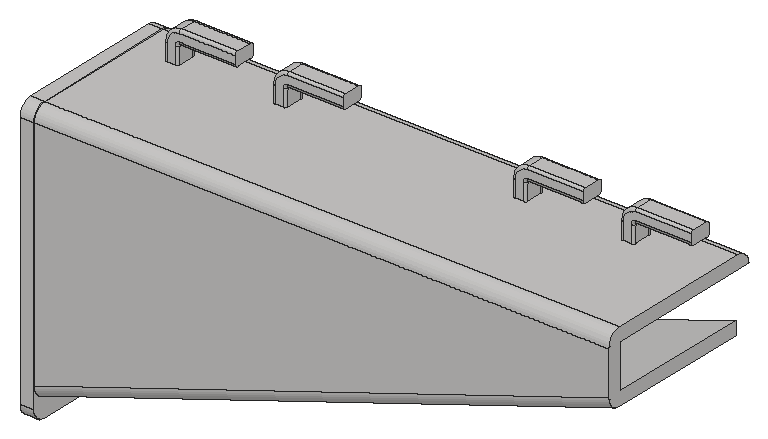
Revit family "E_Cable Tray Support_MEPcontent_OBO Bettermann_Bracket MWAG FS", category Cable Tray Fittings, Revit 2015
Parameters (values of type "MWAG 12 11 FS")
  Wholesaler Art. No. = ""
  Wholesaler = ""
  Watermarked By = "www.stabiplan.com"
  Width 1 = 110.00 mm
  Width = Width 1  # 110 mm
  URL = "www.stabiplan.com"
  built-in parameter 1140111 [instance] = 2.50 mm  # 0.0082021 (stored number, unit not read)
  Stabu Code = ""
  Revit Version = "2015"  # constant formula
  MEPcontent Class = "CABLE_TRAY_SUPPORT"  # constant formula
  Internal Art. No. = ""
  IFCExportType = "NOTDEFINED"  # constant formula
  IFCExportAs = "IfcCableCarrierFittingType"  # constant formula
  Function Code [instance] = ""
  Front Height = Height / 4  # 13.25 mm
  Family Version = "10.14"  # constant formula
  ETIM Article Class = "EC000022"  # constant formula
  EMCS Version = "2.0"  # constant formula
  Copyright = "© Stabiplan International BV"  # constant formula
  Content Supplier URL = ""
  CB-NL Class = ""
  Article Type = if(and(Width = 110.00 mm, Height = 53.00 mm), "MWAG 12 11 FS", "Unknown")  # "MWAG 12 11 FS"
  Product Line = "OBO BETTERMANN CableTrays"  # constant formula
  Model = if(and(Width = 110.00 mm, Height = 53.00 mm), "MWAG 12 11 FS", "Unknown")  # "MWAG 12 11 FS"
  Manufacturer = "OBO BETTERMANN"  # constant formula
  Custom [instance] = if(and(Width = 110.00 mm, Height = 53.00 mm), 1 = 0, 1 = 1)  # no
  Height 1 = 53.00 mm
  Height = Height 1  # 53 mm
  GTIN = if(and(Width = 110.00 mm, Height = 53.00 mm), "4012196324736", "Unknown")  # "4012196324736"
  Description = "Wall Bracket"
  Depth = 32.50 mm
  Manufacturer URL = "http://catalog4.obo-bettermann.com/catalogue/catalogue.do?forward=showProductGroup&act=showIO&favOid=kts_86080&action=showManyProducts&lang=nl&OID=kts_86080&catId="
  Gray = Color RGB 189-187-185
  Manufacturer Art. No. = if(and(Width = 110.00 mm, Height = 53.00 mm), "6424600", "Unknown")  # "6424600"
  Article Description = "Wall Bracket"
Reference planes
  plane 1 "Center (Front/Back)": y = 0
  plane 2: z = 0
  plane 3 "Center (Left/Right)": x = 0
  plane 4: y = 16.25
  plane 5: y = -16.25
  plane 6: x = 110
  plane 7: x = 2.5
  plane 8: z = 26.5
  plane 9: z = -26.5
  plane 10: z = -22.5
  plane 11: z = 13.25
  plane 12: y = 8.75
Forms (mm)
  Extrusion 1, solid, material "Color RGB 189-187-185" <- "Gray", detail levels medium+fine
    sketch origin (0, 0, 0) x (0, 1, 0) y (0, 0, 1)
      loop
        line (13.75, 26.5) -> (-13.75, 26.5)
        arc (-13.75, 26.5) -> (-15.518, 25.768) -> (-16.25, 24) r 2.5
        line (-16.25, 24) -> (-16.25, -24)
        arc (-16.25, -24) -> (-15.518, -25.768) -> (-13.75, -26.5) r 2.5
        line (-13.75, -26.5) -> (13.75, -26.5)
        arc (13.75, -26.5) -> (15.518, -25.768) -> (16.25, -24) r 2.5
        line (16.25, -24) -> (16.25, 24)
        arc (16.25, 24) -> (15.518, 25.768) -> (13.75, 26.5) r 2.5
    from 0 to 2.5
  SweptBlend 2, solid, material "Color RGB 189-187-185" <- "Gray", detail levels medium+fine
    path origin (0, 0, 0) x (1, 0, 0) y (0, 0, 1)
      loop
        line (2.5, 0) -> (110, 0)
    profile origin (2.5, 0, 0) x (0, 0, 1) y (0, -1, 0)
      loop
        line (-22.5, -13.25) -> (-20, -13.25) -> (-20, 13.75) -> (24, 13.75) -> (24, -16.25)
        arc (24, -16.25) -> (25.768, -15.518) -> (26.5, -13.75) r 2.5
        line (26.5, -13.75) -> (26.5, 13.75)
        arc (26.5, 13.75) -> (25.768, 15.518) -> (24, 16.25) r 2.5
        line (24, 16.25) -> (-20, 16.25)
        arc (-20, 16.25) -> (-21.768, 15.518) -> (-22.5, 13.75) r 2.5
        line (-22.5, 13.75) -> (-22.5, -13.25)
    end profile origin (110, 0, 0) x (0, 0, 1) y (0, -1, 0)
      loop
        line (13.25, -13.25) -> (15.75, -13.25) -> (15.75, 13.75) -> (24, 13.75) -> (24, -16.25)
        arc (24, -16.25) -> (25.768, -15.518) -> (26.5, -13.75) r 2.5
        line (26.5, -13.75) -> (26.5, 13.75)
        arc (26.5, 13.75) -> (25.768, 15.518) -> (24, 16.25) r 2.5
        line (24, 16.25) -> (15.75, 16.25)
        arc (15.75, 16.25) -> (13.982, 15.518) -> (13.25, 13.75) r 2.5
        line (13.25, 13.75) -> (13.25, -13.25)
  Sweep 3, solid, material "Color RGB 189-187-185" <- "Gray", detail levels medium+fine
    path origin (0, 8.75, 148.963) x (0, 0, 1) y (-1, 0, 0)
      loop
        line (-117.741, -21.831) -> (-117.741, -11.331)
        arc (-117.741, -11.331) -> (-118.181, -10.27) -> (-119.241, -9.831) r 1.5
        line (-119.241, -9.831) -> (-124.241, -9.831)
    profile origin (16.581, 8.75, 31.222) x (0, 0, -1) y (0, -1, 0)
      loop
        arc (-1.25, -1.5) -> (-1.104, -1.854) -> (-0.75, -2) r 0.5
        line (-0.75, -2) -> (0.75, -2)
        arc (0.75, -2) -> (1.104, -1.854) -> (1.25, -1.5) r 0.5
        line (1.25, -1.5) -> (1.25, 1.5)
        arc (1.25, 1.5) -> (1.104, 1.854) -> (0.75, 2) r 0.5
        line (0.75, 2) -> (-0.75, 2)
        arc (-0.75, 2) -> (-1.104, 1.854) -> (-1.25, 1.5) r 0.5
        line (-1.25, 1.5) -> (-1.25, -1.5)
  Sweep 4, solid, material "Color RGB 189-187-185" <- "Gray", detail levels medium+fine
    path origin (20, 8.75, 148.963) x (0, 0, 1) y (-1, 0, 0)
      loop
        line (-117.741, -22) -> (-117.741, -11.5)
        arc (-117.741, -11.5) -> (-118.181, -10.439) -> (-119.241, -10) r 1.5
        line (-119.241, -10) -> (-124.241, -10)
    profile origin (36.75, 8.75, 31.222) x (0, 0, -1) y (0, -1, 0)
      loop
        arc (-1.25, -1.5) -> (-1.104, -1.854) -> (-0.75, -2) r 0.5
        line (-0.75, -2) -> (0.75, -2)
        arc (0.75, -2) -> (1.104, -1.854) -> (1.25, -1.5) r 0.5
        line (1.25, -1.5) -> (1.25, 1.5)
        arc (1.25, 1.5) -> (1.104, 1.854) -> (0.75, 2) r 0.5
        line (0.75, 2) -> (-0.75, 2)
        arc (-0.75, 2) -> (-1.104, 1.854) -> (-1.25, 1.5) r 0.5
        line (-1.25, 1.5) -> (-1.25, -1.5)
  Sweep 5, solid, material "Color RGB 189-187-185" <- "Gray", detail levels medium+fine
    path origin (82.367, 8.75, 148.963) x (0, 0, 1) y (-1, 0, 0)
      loop
        line (-117.741, -24.633) -> (-117.741, -14.133)
        arc (-117.741, -14.133) -> (-118.181, -13.072) -> (-119.241, -12.633) r 1.5
        line (-119.241, -12.633) -> (-124.241, -12.633)
    profile origin (101.75, 8.75, 31.222) x (0, 0, -1) y (0, -1, 0)
      loop
        arc (-1.25, -1.5) -> (-1.104, -1.854) -> (-0.75, -2) r 0.5
        line (-0.75, -2) -> (0.75, -2)
        arc (0.75, -2) -> (1.104, -1.854) -> (1.25, -1.5) r 0.5
        line (1.25, -1.5) -> (1.25, 1.5)
        arc (1.25, 1.5) -> (1.104, 1.854) -> (0.75, 2) r 0.5
        line (0.75, 2) -> (-0.75, 2)
        arc (-0.75, 2) -> (-1.104, 1.854) -> (-1.25, 1.5) r 0.5
        line (-1.25, 1.5) -> (-1.25, -1.5)
  Sweep 6, solid, material "Color RGB 189-187-185" <- "Gray", detail levels medium+fine
    path origin (63.111, 8.75, 148.963) x (0, 0, 1) y (-1, 0, 0)
      loop
        line (-117.741, -23.719) -> (-117.741, -13.219)
        arc (-117.741, -13.219) -> (-118.181, -12.158) -> (-119.241, -11.719) r 1.5
        line (-119.241, -11.719) -> (-124.241, -11.719)
    profile origin (81.58, 8.75, 31.222) x (0, 0, -1) y (0, -1, 0)
      loop
        arc (-1.25, -1.5) -> (-1.104, -1.854) -> (-0.75, -2) r 0.5
        line (-0.75, -2) -> (0.75, -2)
        arc (0.75, -2) -> (1.104, -1.854) -> (1.25, -1.5) r 0.5
        line (1.25, -1.5) -> (1.25, 1.5)
        arc (1.25, 1.5) -> (1.104, 1.854) -> (0.75, 2) r 0.5
        line (0.75, 2) -> (-0.75, 2)
        arc (-0.75, 2) -> (-1.104, 1.854) -> (-1.25, 1.5) r 0.5
        line (-1.25, 1.5) -> (-1.25, -1.5)
Cuts and joins
  joined: SweptBlend 2, Sweep 3, Sweep 4, Sweep 5, Sweep 6
Lines and regions (mm)
  model lines, style "Fittings", detail levels coarse
    curve 1: line (0, 0, 26.5) -> (110, 0, 26.5)
    curve 2: line (0, 0, 26.5) -> (0, 0, -26.5)
Dimensions and locks
  equal spacing: plane 4, plane 1 "Center (Front/Back)", plane 5
  "Depth": plane 4 to plane 5
  "Width": plane 6 to plane 3 "Center (Left/Right)"
  locked: plane 7 to plane 3 "Center (Left/Right)" at 2.5
  "Height": plane 8 to plane 9
  equal spacing: plane 8, level, plane 9
  locked: plane 10 to plane 9 at 4
  locked: Extrusion 1 to SweptBlend 2 sketch curve at 3
  locked: SweptBlend 2 sketch curve to plane 5 at 2.5  (x2)
  locked: plane 8 to SweptBlend 2 sketch curve at 2.5  (x2)
  locked: SweptBlend 2 sketch curve to plane 10 at 2.5
  locked: plane 4 to SweptBlend 2 sketch curve at 2.5
  "Front Height": plane 8 to plane 11
  locked: SweptBlend 2 sketch curve to plane 11 at 2.5
  locked: plane 4 to SweptBlend 2 sketch curve at 3
  locked: plane 12 to plane 4 at 7.5
  Sweep 3 sketch curve to Sweep 3 sketch curve to plane 7 = 12.00 mm locked, 7.331 mm locked
  locked: Sweep 3 sketch curve to Sweep 3 sketch curve at 4
  locked: Sweep 3 sketch curve to Sweep 3 sketch curve at 2.5
  equal spacing: Sweep 3 sketch curve, profile plane, Sweep 3 sketch curve
  equal spacing: Sweep 3 sketch curve, plane 12, Sweep 3 sketch curve
  Sweep 3 sketch curve to plane 8 to Sweep 3 sketch curve = 4.722 mm locked, 1.778 mm locked
  locked: Sweep 4 sketch curve to Sweep 4 sketch curve at 12
  locked: Sweep 4 sketch curve to Sweep 4 sketch curve at 4
  locked: Sweep 4 sketch curve to Sweep 4 sketch curve at 2.5
  equal spacing: Sweep 4 sketch curve, profile plane, Sweep 4 sketch curve
  Sweep 4 sketch curve to Sweep 4 sketch curve = 4.00 mm
  Sweep 4 sketch curve to Sweep 4 sketch curve = 6.50 mm
  Sweep 4 sketch curve to plane 3 "Center (Left/Right)" = 30.00 mm
  locked: Sweep 5 sketch curve to Sweep 5 sketch curve at 12
  locked: Sweep 5 sketch curve to Sweep 5 sketch curve at 4
  locked: Sweep 5 sketch curve to Sweep 5 sketch curve at 2.5
  equal spacing: Sweep 5 sketch curve, profile plane, Sweep 5 sketch curve
  Sweep 5 sketch curve to Sweep 5 sketch curve = 4.00 mm
  Sweep 5 sketch curve to Sweep 5 sketch curve = 6.50 mm
  locked: Sweep 6 sketch curve to Sweep 6 sketch curve at 12
  locked: Sweep 6 sketch curve to Sweep 6 sketch curve at 4
  locked: Sweep 6 sketch curve to Sweep 6 sketch curve at 2.5
  equal spacing: Sweep 6 sketch curve, profile plane, Sweep 6 sketch curve
  Sweep 6 sketch curve to Sweep 6 sketch curve = 4.00 mm
  Sweep 6 sketch curve to Sweep 6 sketch curve = 6.50 mm
  locked: plane 6 to Sweep 6 sketch curve at 35.17
  locked: plane 6 to Sweep 5 sketch curve at 15
  radius of Extrusion 1 sketch curve = 2.50 mm  (x4)
  radius of SweptBlend 2 sketch curve = 2.50 mm  (x6)
  radius of Sweep 3 sketch curve = 1.50 mm
  radius of Sweep 4 sketch curve = 1.50 mm
  radius of Sweep 5 sketch curve = 1.50 mm
  radius of Sweep 6 sketch curve = 1.50 mm
  aligned and locked: level to plane 2
  aligned and locked: plane 8 to Extrusion 1 sketch curve
  aligned and locked: Extrusion 1 sketch curve to plane 4
  aligned and locked: Extrusion 1 sketch curve to plane 9
  aligned and locked: Extrusion 1 sketch curve to plane 5
  aligned and locked: plane 7 to Extrusion 1
  aligned and locked: plane 6 to SweptBlend 2 sketch curve
  aligned and locked: plane 7 to SweptBlend 2 sketch curve
  aligned and locked: SweptBlend 2 sketch curve to plane 2
  aligned and locked: plane 10 to SweptBlend 2 sketch curve
  aligned and locked: plane 5 to SweptBlend 2 sketch curve
  aligned and locked: SweptBlend 2 sketch curve to plane 8
  aligned and locked: plane 4 to SweptBlend 2 sketch curve
  aligned and locked: curve 2 to Extrusion 1
  aligned and locked: plane 8 to curve 2
  aligned and locked: plane 9 to curve 2
Automatic sketch dimensions
  Sweep 3 sketch curve to Sweep 3 sketch curve = 0.50 mm  (x4)
  plane 8 to Sweep 4 sketch curve = 3.222 mm
  Sweep 4 sketch curve to Sweep 4 sketch curve = 0.50 mm  (x4)
  Sweep 4 sketch curve to plane 12 = 2.00 mm
  plane 8 to Sweep 5 sketch curve = 3.222 mm
  Sweep 5 sketch curve to Sweep 5 sketch curve = 0.50 mm  (x4)
  Sweep 5 sketch curve to plane 12 = 2.00 mm
  plane 8 to Sweep 6 sketch curve = 3.222 mm
  Sweep 6 sketch curve to Sweep 6 sketch curve = 0.50 mm  (x4)
  Sweep 6 sketch curve to plane 12 = 2.00 mm
  curve 1 to plane 6 = 0.00 mm
  SweptBlend 2 sketch curve to plane 11 = 0.00 mm
  SweptBlend 2 sketch curve to SweptBlend 2 sketch curve = 0.50 mm
  SweptBlend 2 sketch curve to SweptBlend 2 sketch curve = 0.00 mm
